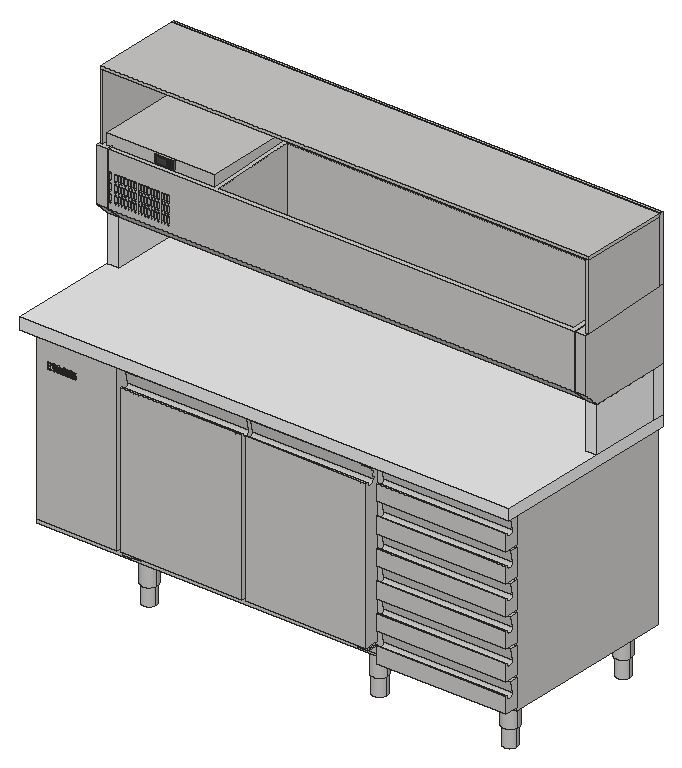
Revit family "QF_ELECTROLUXPROFESSIONAL_725188_RCSH2D6W", category Attrezzature speciali, Revit 2021 (continued)
Definition of nested family "ELX_REF_PZ"
  Lines and regions (mm)
    Split face 33
      outline origin (0, -200, 50) x (1, 0, 0) y (0, 1, 0)
        loop
          line (-163.464, 219.824) -> (-121.464, 219.824)
          arc (-121.464, 219.824) -> (-117.464, 223.824) -> (-121.464, 227.824) r 4
          line (-121.464, 227.824) -> (-163.464, 227.824)
    Split face 34
      outline origin (330, -200, 50) x (1, 0, 0) y (0, 1, 0)
        loop
          arc (-328.464, 227.824) -> (-332.464, 223.824) -> (-328.464, 219.824) r 4
          line (-328.464, 219.824) -> (-286.464, 219.824)
          arc (-286.464, 219.824) -> (-282.464, 223.824) -> (-286.464, 227.824) r 4
          line (-286.464, 227.824) -> (-328.464, 227.824)
    Split face 35
      outline origin (110, -200, 50) x (1, 0, 0) y (0, 1, 0)
        loop
          arc (-218.464, 227.824) -> (-222.464, 223.824) -> (-218.464, 219.824) r 4
          line (-218.464, 219.824) -> (-176.464, 219.824)
          arc (-176.464, 219.824) -> (-172.464, 223.824) -> (-176.464, 227.824) r 4
          line (-176.464, 227.824) -> (-218.464, 227.824)
    Split face 36
      outline origin (220, -200, 50) x (1, 0, 0) y (0, 1, 0)
        loop
          arc (-273.464, 227.824) -> (-277.464, 223.824) -> (-273.464, 219.824) r 4
          line (-273.464, 219.824) -> (-231.464, 219.824)
          arc (-231.464, 219.824) -> (-227.464, 223.824) -> (-231.464, 227.824) r 4
          line (-231.464, 227.824) -> (-273.464, 227.824)
    Split face 37
      outline origin (0, -224, 50) x (1, 0, 0) y (0, 1, 0)
        loop
          arc (-163.464, 239.824) -> (-167.464, 235.824) -> (-163.464, 231.824) r 4
          line (-163.464, 231.824) -> (-121.464, 231.824)
          arc (-121.464, 231.824) -> (-117.464, 235.824) -> (-121.464, 239.824) r 4
          line (-121.464, 239.824) -> (-163.464, 239.824)
    Split face 38
      outline origin (330, -224, 50) x (1, 0, 0) y (0, 1, 0)
        loop
          arc (-328.464, 239.824) -> (-332.464, 235.824) -> (-328.464, 231.824) r 4
          line (-328.464, 231.824) -> (-286.464, 231.824)
          arc (-286.464, 231.824) -> (-282.464, 235.824) -> (-286.464, 239.824) r 4
          line (-286.464, 239.824) -> (-328.464, 239.824)
    Split face 39
      outline origin (110, -224, 50) x (1, 0, 0) y (0, 1, 0)
        loop
          arc (-218.464, 239.824) -> (-222.464, 235.824) -> (-218.464, 231.824) r 4
          line (-218.464, 231.824) -> (-176.464, 231.824)
          arc (-176.464, 231.824) -> (-172.464, 235.824) -> (-176.464, 239.824) r 4
          line (-176.464, 239.824) -> (-218.464, 239.824)
    Split face 40
      outline origin (220, -224, 50) x (1, 0, 0) y (0, 1, 0)
        loop
          arc (-273.464, 239.824) -> (-277.464, 235.824) -> (-273.464, 231.824) r 4
          line (-273.464, 231.824) -> (-231.464, 231.824)
          arc (-231.464, 231.824) -> (-227.464, 235.824) -> (-231.464, 239.824) r 4
          line (-231.464, 239.824) -> (-273.464, 239.824)
    Split face 41
      outline origin (0, -248, 50) x (1, 0, 0) y (0, 1, 0)
        loop
          arc (-163.464, 251.824) -> (-167.464, 247.824) -> (-163.464, 243.824) r 4
          line (-163.464, 243.824) -> (-121.464, 243.824)
          arc (-121.464, 243.824) -> (-117.464, 247.824) -> (-121.464, 251.824) r 4
          line (-121.464, 251.824) -> (-163.464, 251.824)
    Split face 42
      outline origin (330, -248, 50) x (1, 0, 0) y (0, 1, 0)
        loop
          arc (-328.464, 251.824) -> (-332.464, 247.824) -> (-328.464, 243.824) r 4
          line (-328.464, 243.824) -> (-286.464, 243.824)
          arc (-286.464, 243.824) -> (-282.464, 247.824) -> (-286.464, 251.824) r 4
          line (-286.464, 251.824) -> (-328.464, 251.824)
    Split face 43
      outline origin (110, -248, 50) x (1, 0, 0) y (0, 1, 0)
        loop
          arc (-218.464, 251.824) -> (-222.464, 247.824) -> (-218.464, 243.824) r 4
          line (-218.464, 243.824) -> (-176.464, 243.824)
          arc (-176.464, 243.824) -> (-172.464, 247.824) -> (-176.464, 251.824) r 4
          line (-176.464, 251.824) -> (-218.464, 251.824)
    Split face 44
      outline origin (220, -248, 50) x (1, 0, 0) y (0, 1, 0)
        loop
          arc (-273.464, 251.824) -> (-277.464, 247.824) -> (-273.464, 243.824) r 4
          line (-273.464, 243.824) -> (-231.464, 243.824)
          arc (-231.464, 243.824) -> (-227.464, 247.824) -> (-231.464, 251.824) r 4
          line (-231.464, 251.824) -> (-273.464, 251.824)
    Split face 45
      outline origin (0, -272, 50) x (1, 0, 0) y (0, 1, 0)
        loop
          arc (-163.464, 263.824) -> (-167.464, 259.824) -> (-163.464, 255.824) r 4
          line (-163.464, 255.824) -> (-121.464, 255.824)
          arc (-121.464, 255.824) -> (-117.464, 259.824) -> (-121.464, 263.824) r 4
          line (-121.464, 263.824) -> (-163.464, 263.824)
    Split face 46
      outline origin (330, -272, 50) x (1, 0, 0) y (0, 1, 0)
        loop
          arc (-328.464, 263.824) -> (-332.464, 259.824) -> (-328.464, 255.824) r 4
          line (-328.464, 255.824) -> (-286.464, 255.824)
          arc (-286.464, 255.824) -> (-282.464, 259.824) -> (-286.464, 263.824) r 4
          line (-286.464, 263.824) -> (-328.464, 263.824)
    Split face 47
      outline origin (110, -272, 50) x (1, 0, 0) y (0, 1, 0)
        loop
          arc (-218.464, 263.824) -> (-222.464, 259.824) -> (-218.464, 255.824) r 4
          line (-218.464, 255.824) -> (-176.464, 255.824)
          arc (-176.464, 255.824) -> (-172.464, 259.824) -> (-176.464, 263.824) r 4
          line (-176.464, 263.824) -> (-218.464, 263.824)
    Split face 48
      outline origin (220, -272, 50) x (1, 0, 0) y (0, 1, 0)
        loop
          arc (-273.464, 263.824) -> (-277.464, 259.824) -> (-273.464, 255.824) r 4
          line (-273.464, 255.824) -> (-231.464, 255.824)
          arc (-231.464, 255.824) -> (-227.464, 259.824) -> (-231.464, 263.824) r 4
          line (-231.464, 263.824) -> (-273.464, 263.824)
    Split face 49
      outline origin (0, -296, 50) x (1, 0, 0) y (0, 1, 0)
        loop
          arc (-163.464, 275.824) -> (-167.464, 271.824) -> (-163.464, 267.824) r 4
          line (-163.464, 267.824) -> (-121.464, 267.824)
          arc (-121.464, 267.824) -> (-117.464, 271.824) -> (-121.464, 275.824) r 4
          line (-121.464, 275.824) -> (-163.464, 275.824)
    Split face 50
      outline origin (330, -296, 50) x (1, 0, 0) y (0, 1, 0)
        loop
          arc (-328.464, 275.824) -> (-332.464, 271.824) -> (-328.464, 267.824) r 4
          line (-328.464, 267.824) -> (-286.464, 267.824)
          arc (-286.464, 267.824) -> (-282.464, 271.824) -> (-286.464, 275.824) r 4
          line (-286.464, 275.824) -> (-328.464, 275.824)
    Split face 51
      outline origin (110, -296, 50) x (1, 0, 0) y (0, 1, 0)
        loop
          arc (-218.464, 275.824) -> (-222.464, 271.824) -> (-218.464, 267.824) r 4
          line (-218.464, 267.824) -> (-176.464, 267.824)
          arc (-176.464, 267.824) -> (-172.464, 271.824) -> (-176.464, 275.824) r 4
          line (-176.464, 275.824) -> (-218.464, 275.824)
    Split face 52
      outline origin (220, -296, 50) x (1, 0, 0) y (0, 1, 0)
        loop
          arc (-273.464, 275.824) -> (-277.464, 271.824) -> (-273.464, 267.824) r 4
          line (-273.464, 267.824) -> (-231.464, 267.824)
          arc (-231.464, 267.824) -> (-227.464, 271.824) -> (-231.464, 275.824) r 4
          line (-231.464, 275.824) -> (-273.464, 275.824)
    Split face 53
      outline origin (0, -663.3, 50) x (1, 0, 0) y (0, 1, 0)
        loop
          arc (-163.464, 513.474) -> (-167.464, 509.474) -> (-163.464, 505.474) r 4
          line (-163.464, 505.474) -> (-121.464, 505.474)
          arc (-121.464, 505.474) -> (-117.464, 509.474) -> (-121.464, 513.474) r 4
          line (-121.464, 513.474) -> (-163.464, 513.474)
    Split face 54
      outline origin (330, -663.3, 50) x (1, 0, 0) y (0, 1, 0)
        loop
          arc (-328.464, 513.474) -> (-332.464, 509.474) -> (-328.464, 505.474) r 4
          line (-328.464, 505.474) -> (-286.464, 505.474)
          arc (-286.464, 505.474) -> (-282.464, 509.474) -> (-286.464, 513.474) r 4
          line (-286.464, 513.474) -> (-328.464, 513.474)
    Split face 55
      outline origin (110, -663.3, 50) x (1, 0, 0) y (0, 1, 0)
        loop
          arc (-218.464, 513.474) -> (-222.464, 509.474) -> (-218.464, 505.474) r 4
          line (-218.464, 505.474) -> (-176.464, 505.474)
          arc (-176.464, 505.474) -> (-172.464, 509.474) -> (-176.464, 513.474) r 4
          line (-176.464, 513.474) -> (-218.464, 513.474)
    Split face 56
      outline origin (220, -663.3, 50) x (1, 0, 0) y (0, 1, 0)
        loop
          arc (-273.464, 513.474) -> (-277.464, 509.474) -> (-273.464, 505.474) r 4
          line (-273.464, 505.474) -> (-231.464, 505.474)
          arc (-231.464, 505.474) -> (-227.464, 509.474) -> (-231.464, 513.474) r 4
          line (-231.464, 513.474) -> (-273.464, 513.474)
    Split face 57
      outline origin (0, -687.3, 50) x (1, 0, 0) y (0, 1, 0)
        loop
          arc (-163.464, 525.474) -> (-167.464, 521.474) -> (-163.464, 517.474) r 4
          line (-163.464, 517.474) -> (-121.464, 517.474)
          arc (-121.464, 517.474) -> (-117.464, 521.474) -> (-121.464, 525.474) r 4
          line (-121.464, 525.474) -> (-163.464, 525.474)
    Split face 58
      outline origin (330, -687.3, 50) x (1, 0, 0) y (0, 1, 0)
        loop
          arc (-328.464, 525.474) -> (-332.464, 521.474) -> (-328.464, 517.474) r 4
          line (-328.464, 517.474) -> (-286.464, 517.474)
          arc (-286.464, 517.474) -> (-282.464, 521.474) -> (-286.464, 525.474) r 4
          line (-286.464, 525.474) -> (-328.464, 525.474)
    Split face 59
      outline origin (110, -687.3, 50) x (1, 0, 0) y (0, 1, 0)
        loop
          arc (-218.464, 525.474) -> (-222.464, 521.474) -> (-218.464, 517.474) r 4
          line (-218.464, 517.474) -> (-176.464, 517.474)
          arc (-176.464, 517.474) -> (-172.464, 521.474) -> (-176.464, 525.474) r 4
          line (-176.464, 525.474) -> (-218.464, 525.474)
    Split face 60
      outline origin (220, -687.3, 50) x (1, 0, 0) y (0, 1, 0)
        loop
          arc (-273.464, 525.474) -> (-277.464, 521.474) -> (-273.464, 517.474) r 4
          line (-273.464, 517.474) -> (-231.464, 517.474)
          arc (-231.464, 517.474) -> (-227.464, 521.474) -> (-231.464, 525.474) r 4
          line (-231.464, 525.474) -> (-273.464, 525.474)
    Split face 61
      outline origin (0, -711.3, 50) x (1, 0, 0) y (0, 1, 0)
        loop
          arc (-163.464, 537.474) -> (-167.464, 533.474) -> (-163.464, 529.474) r 4
          line (-163.464, 529.474) -> (-121.464, 529.474)
          arc (-121.464, 529.474) -> (-117.464, 533.474) -> (-121.464, 537.474) r 4
          line (-121.464, 537.474) -> (-163.464, 537.474)
    Split face 62
      outline origin (330, -711.3, 50) x (1, 0, 0) y (0, 1, 0)
        loop
          arc (-328.464, 537.474) -> (-332.464, 533.474) -> (-328.464, 529.474) r 4
          line (-328.464, 529.474) -> (-286.464, 529.474)
          arc (-286.464, 529.474) -> (-282.464, 533.474) -> (-286.464, 537.474) r 4
          line (-286.464, 537.474) -> (-328.464, 537.474)
    Split face 63
      outline origin (110, -711.3, 50) x (1, 0, 0) y (0, 1, 0)
        loop
          arc (-218.464, 537.474) -> (-222.464, 533.474) -> (-218.464, 529.474) r 4
          line (-218.464, 529.474) -> (-176.464, 529.474)
          arc (-176.464, 529.474) -> (-172.464, 533.474) -> (-176.464, 537.474) r 4
          line (-176.464, 537.474) -> (-218.464, 537.474)
    Split face 64
      outline origin (220, -711.3, 50) x (1, 0, 0) y (0, 1, 0)
        loop
          arc (-273.464, 537.474) -> (-277.464, 533.474) -> (-273.464, 529.474) r 4
          line (-273.464, 529.474) -> (-231.464, 529.474)
          arc (-231.464, 529.474) -> (-227.464, 533.474) -> (-231.464, 537.474) r 4
          line (-231.464, 537.474) -> (-273.464, 537.474)
    Split face 65
      outline origin (0, -735.3, 50) x (1, 0, 0) y (0, 1, 0)
        loop
          arc (-163.464, 549.474) -> (-167.464, 545.474) -> (-163.464, 541.474) r 4
          line (-163.464, 541.474) -> (-121.464, 541.474)
          arc (-121.464, 541.474) -> (-117.464, 545.474) -> (-121.464, 549.474) r 4
          line (-121.464, 549.474) -> (-163.464, 549.474)
    Split face 66
      outline origin (330, -735.3, 50) x (1, 0, 0) y (0, 1, 0)
        loop
          arc (-328.464, 549.474) -> (-332.464, 545.474) -> (-328.464, 541.474) r 4
          line (-328.464, 541.474) -> (-286.464, 541.474)
          arc (-286.464, 541.474) -> (-282.464, 545.474) -> (-286.464, 549.474) r 4
          line (-286.464, 549.474) -> (-328.464, 549.474)
    Split face 67
      outline origin (110, -735.3, 50) x (1, 0, 0) y (0, 1, 0)
        loop
          arc (-218.464, 549.474) -> (-222.464, 545.474) -> (-218.464, 541.474) r 4
          line (-218.464, 541.474) -> (-176.464, 541.474)
          arc (-176.464, 541.474) -> (-172.464, 545.474) -> (-176.464, 549.474) r 4
          line (-176.464, 549.474) -> (-218.464, 549.474)
    Split face 68
      outline origin (220, -735.3, 50) x (1, 0, 0) y (0, 1, 0)
        loop
          arc (-273.464, 549.474) -> (-277.464, 545.474) -> (-273.464, 541.474) r 4
          line (-273.464, 541.474) -> (-231.464, 541.474)
          arc (-231.464, 541.474) -> (-227.464, 545.474) -> (-231.464, 549.474) r 4
          line (-231.464, 549.474) -> (-273.464, 549.474)
    Split face 69
      outline origin (0, -759.3, 50) x (1, 0, 0) y (0, 1, 0)
        loop
          arc (-163.464, 561.474) -> (-167.464, 557.474) -> (-163.464, 553.474) r 4
          line (-163.464, 553.474) -> (-121.464, 553.474)
          arc (-121.464, 553.474) -> (-117.464, 557.474) -> (-121.464, 561.474) r 4
          line (-121.464, 561.474) -> (-163.464, 561.474)
    Split face 70
      outline origin (330, -759.3, 50) x (1, 0, 0) y (0, 1, 0)
        loop
          arc (-328.464, 561.474) -> (-332.464, 557.474) -> (-328.464, 553.474) r 4
          line (-328.464, 553.474) -> (-286.464, 553.474)
          arc (-286.464, 553.474) -> (-282.464, 557.474) -> (-286.464, 561.474) r 4
          line (-286.464, 561.474) -> (-328.464, 561.474)
    Split face 71
      outline origin (110, -759.3, 50) x (1, 0, 0) y (0, 1, 0)
        loop
          arc (-218.464, 561.474) -> (-222.464, 557.474) -> (-218.464, 553.474) r 4
          line (-218.464, 553.474) -> (-176.464, 553.474)
          arc (-176.464, 553.474) -> (-172.464, 557.474) -> (-176.464, 561.474) r 4
          line (-176.464, 561.474) -> (-218.464, 561.474)
    Split face 72
      outline origin (220, -759.3, 50) x (1, 0, 0) y (0, 1, 0)
        loop
          arc (-273.464, 561.474) -> (-277.464, 557.474) -> (-273.464, 553.474) r 4
          line (-273.464, 553.474) -> (-231.464, 553.474)
          arc (-231.464, 553.474) -> (-227.464, 557.474) -> (-231.464, 561.474) r 4
          line (-231.464, 561.474) -> (-273.464, 561.474)
    Split face 73
      outline origin (0, -783.3, 50) x (1, 0, 0) y (0, 1, 0)
        loop
          arc (-163.464, 573.474) -> (-167.464, 569.474) -> (-163.464, 565.474) r 4
          line (-163.464, 565.474) -> (-121.464, 565.474)
          arc (-121.464, 565.474) -> (-117.464, 569.474) -> (-121.464, 573.474) r 4
          line (-121.464, 573.474) -> (-163.464, 573.474)
    Split face 74
      outline origin (330, -783.3, 50) x (1, 0, 0) y (0, 1, 0)
        loop
          arc (-328.464, 573.474) -> (-332.464, 569.474) -> (-328.464, 565.474) r 4
          line (-328.464, 565.474) -> (-286.464, 565.474)
          arc (-286.464, 565.474) -> (-282.464, 569.474) -> (-286.464, 573.474) r 4
          line (-286.464, 573.474) -> (-328.464, 573.474)
    Split face 75
      outline origin (110, -783.3, 50) x (1, 0, 0) y (0, 1, 0)
        loop
          arc (-218.464, 573.474) -> (-222.464, 569.474) -> (-218.464, 565.474) r 4
          line (-218.464, 565.474) -> (-176.464, 565.474)
          arc (-176.464, 565.474) -> (-172.464, 569.474) -> (-176.464, 573.474) r 4
          line (-176.464, 573.474) -> (-218.464, 573.474)
    Split face 76
      outline origin (220, -783.3, 50) x (1, 0, 0) y (0, 1, 0)
        loop
          arc (-273.464, 573.474) -> (-277.464, 569.474) -> (-273.464, 565.474) r 4
          line (-273.464, 565.474) -> (-231.464, 565.474)
          arc (-231.464, 565.474) -> (-227.464, 569.474) -> (-231.464, 573.474) r 4
          line (-231.464, 573.474) -> (-273.464, 573.474)
    Split face 77
      outline origin (0, -807.3, 50) x (1, 0, 0) y (0, 1, 0)
        loop
          arc (-163.464, 585.474) -> (-167.464, 581.474) -> (-163.464, 577.474) r 4
          line (-163.464, 577.474) -> (-121.464, 577.474)
          arc (-121.464, 577.474) -> (-117.464, 581.474) -> (-121.464, 585.474) r 4
          line (-121.464, 585.474) -> (-163.464, 585.474)
    Split face 78
      outline origin (330, -807.3, 50) x (1, 0, 0) y (0, 1, 0)
        loop
          arc (-328.464, 585.474) -> (-332.464, 581.474) -> (-328.464, 577.474) r 4
          line (-328.464, 577.474) -> (-286.464, 577.474)
          arc (-286.464, 577.474) -> (-282.464, 581.474) -> (-286.464, 585.474) r 4
          line (-286.464, 585.474) -> (-328.464, 585.474)
    Split face 79
      outline origin (110, -807.3, 50) x (1, 0, 0) y (0, 1, 0)
        loop
          arc (-218.464, 585.474) -> (-222.464, 581.474) -> (-218.464, 577.474) r 4
          line (-218.464, 577.474) -> (-176.464, 577.474)
          arc (-176.464, 577.474) -> (-172.464, 581.474) -> (-176.464, 585.474) r 4
          line (-176.464, 585.474) -> (-218.464, 585.474)
    Split face 80
      outline origin (220, -807.3, 50) x (1, 0, 0) y (0, 1, 0)
        loop
          arc (-273.464, 585.474) -> (-277.464, 581.474) -> (-273.464, 577.474) r 4
          line (-273.464, 577.474) -> (-231.464, 577.474)
          arc (-231.464, 577.474) -> (-227.464, 581.474) -> (-231.464, 585.474) r 4
          line (-231.464, 585.474) -> (-273.464, 585.474)
    Split face 81
      outline origin (0, -831.3, 50) x (1, 0, 0) y (0, 1, 0)
        loop
          arc (-163.464, 597.474) -> (-167.464, 593.474) -> (-163.464, 589.474) r 4
          line (-163.464, 589.474) -> (-121.464, 589.474)
          arc (-121.464, 589.474) -> (-117.464, 593.474) -> (-121.464, 597.474) r 4
          line (-121.464, 597.474) -> (-163.464, 597.474)
    Split face 82
      outline origin (330, -831.3, 50) x (1, 0, 0) y (0, 1, 0)
        loop
          arc (-328.464, 597.474) -> (-332.464, 593.474) -> (-328.464, 589.474) r 4
          line (-328.464, 589.474) -> (-286.464, 589.474)
          arc (-286.464, 589.474) -> (-282.464, 593.474) -> (-286.464, 597.474) r 4
          line (-286.464, 597.474) -> (-328.464, 597.474)
    Split face 83
      outline origin (110, -831.3, 50) x (1, 0, 0) y (0, 1, 0)
        loop
          arc (-218.464, 597.474) -> (-222.464, 593.474) -> (-218.464, 589.474) r 4
          line (-218.464, 589.474) -> (-176.464, 589.474)
          arc (-176.464, 589.474) -> (-172.464, 593.474) -> (-176.464, 597.474) r 4
          line (-176.464, 597.474) -> (-218.464, 597.474)
    Split face 84
      outline origin (220, -831.3, 50) x (1, 0, 0) y (0, 1, 0)
        loop
          arc (-273.464, 597.474) -> (-277.464, 593.474) -> (-273.464, 589.474) r 4
          line (-273.464, 589.474) -> (-231.464, 589.474)
          arc (-231.464, 589.474) -> (-227.464, 593.474) -> (-231.464, 597.474) r 4
          line (-231.464, 597.474) -> (-273.464, 597.474)
    Split face 85
      outline origin (0, -855.3, 50) x (1, 0, 0) y (0, 1, 0)
        loop
          arc (-163.464, 609.474) -> (-167.464, 605.474) -> (-163.464, 601.474) r 4
          line (-163.464, 601.474) -> (-121.464, 601.474)
          arc (-121.464, 601.474) -> (-117.464, 605.474) -> (-121.464, 609.474) r 4
          line (-121.464, 609.474) -> (-163.464, 609.474)
    Split face 86
      outline origin (330, -855.3, 50) x (1, 0, 0) y (0, 1, 0)
        loop
          arc (-328.464, 609.474) -> (-332.464, 605.474) -> (-328.464, 601.474) r 4
          line (-328.464, 601.474) -> (-286.464, 601.474)
          arc (-286.464, 601.474) -> (-282.464, 605.474) -> (-286.464, 609.474) r 4
          line (-286.464, 609.474) -> (-328.464, 609.474)
    Split face 87
      outline origin (110, -855.3, 50) x (1, 0, 0) y (0, 1, 0)
        loop
          arc (-218.464, 609.474) -> (-222.464, 605.474) -> (-218.464, 601.474) r 4
          line (-218.464, 601.474) -> (-176.464, 601.474)
          arc (-176.464, 601.474) -> (-172.464, 605.474) -> (-176.464, 609.474) r 4
          line (-176.464, 609.474) -> (-218.464, 609.474)
    Split face 88
      outline origin (220, -855.3, 50) x (1, 0, 0) y (0, 1, 0)
        loop
          arc (-273.464, 609.474) -> (-277.464, 605.474) -> (-273.464, 601.474) r 4
          line (-273.464, 601.474) -> (-231.464, 601.474)
          arc (-231.464, 601.474) -> (-227.464, 605.474) -> (-231.464, 609.474) r 4
          line (-231.464, 609.474) -> (-273.464, 609.474)
    Split face 89
      outline origin (0, -879.3, 50) x (1, 0, 0) y (0, 1, 0)
        loop
          arc (-163.464, 621.474) -> (-167.464, 617.474) -> (-163.464, 613.474) r 4
          line (-163.464, 613.474) -> (-121.464, 613.474)
          arc (-121.464, 613.474) -> (-117.464, 617.474) -> (-121.464, 621.474) r 4
          line (-121.464, 621.474) -> (-163.464, 621.474)
    Split face 90
      outline origin (330, -879.3, 50) x (1, 0, 0) y (0, 1, 0)
        loop
          arc (-328.464, 621.474) -> (-332.464, 617.474) -> (-328.464, 613.474) r 4
          line (-328.464, 613.474) -> (-286.464, 613.474)
          arc (-286.464, 613.474) -> (-282.464, 617.474) -> (-286.464, 621.474) r 4
          line (-286.464, 621.474) -> (-328.464, 621.474)
    Split face 91
      outline origin (110, -879.3, 50) x (1, 0, 0) y (0, 1, 0)
        loop
          arc (-218.464, 621.474) -> (-222.464, 617.474) -> (-218.464, 613.474) r 4
          line (-218.464, 613.474) -> (-176.464, 613.474)
          arc (-176.464, 613.474) -> (-172.464, 617.474) -> (-176.464, 621.474) r 4
          line (-176.464, 621.474) -> (-218.464, 621.474)
    Split face 92
      outline origin (220, -879.3, 50) x (1, 0, 0) y (0, 1, 0)
        loop
          arc (-273.464, 621.474) -> (-277.464, 617.474) -> (-273.464, 613.474) r 4
          line (-273.464, 613.474) -> (-231.464, 613.474)
          arc (-231.464, 613.474) -> (-227.464, 617.474) -> (-231.464, 621.474) r 4
          line (-231.464, 621.474) -> (-273.464, 621.474)
    Split face 93
      outline origin (0, -903.3, 50) x (1, 0, 0) y (0, 1, 0)
        loop
          arc (-163.464, 633.474) -> (-167.464, 629.474) -> (-163.464, 625.474) r 4
          line (-163.464, 625.474) -> (-121.464, 625.474)
          arc (-121.464, 625.474) -> (-117.464, 629.474) -> (-121.464, 633.474) r 4
          line (-121.464, 633.474) -> (-163.464, 633.474)
    Split face 94
      outline origin (330, -903.3, 50) x (1, 0, 0) y (0, 1, 0)
        loop
          arc (-328.464, 633.474) -> (-332.464, 629.474) -> (-328.464, 625.474) r 4
          line (-328.464, 625.474) -> (-286.464, 625.474)
          arc (-286.464, 625.474) -> (-282.464, 629.474) -> (-286.464, 633.474) r 4
          line (-286.464, 633.474) -> (-328.464, 633.474)
    Split face 95
      outline origin (110, -903.3, 50) x (1, 0, 0) y (0, 1, 0)
        loop
          arc (-218.464, 633.474) -> (-222.464, 629.474) -> (-218.464, 625.474) r 4
          line (-218.464, 625.474) -> (-176.464, 625.474)
          arc (-176.464, 625.474) -> (-172.464, 629.474) -> (-176.464, 633.474) r 4
          line (-176.464, 633.474) -> (-218.464, 633.474)
    Split face 96
      outline origin (220, -903.3, 50) x (1, 0, 0) y (0, 1, 0)
        loop
          arc (-273.464, 633.474) -> (-277.464, 629.474) -> (-273.464, 625.474) r 4
          line (-273.464, 625.474) -> (-231.464, 625.474)
          arc (-231.464, 625.474) -> (-227.464, 629.474) -> (-231.464, 633.474) r 4
          line (-231.464, 633.474) -> (-273.464, 633.474)
    Split face 97
      outline origin (0, -927.3, 50) x (1, 0, 0) y (0, 1, 0)
        loop
          arc (-163.464, 645.474) -> (-167.464, 641.474) -> (-163.464, 637.474) r 4
          line (-163.464, 637.474) -> (-121.464, 637.474)
          arc (-121.464, 637.474) -> (-117.464, 641.474) -> (-121.464, 645.474) r 4
          line (-121.464, 645.474) -> (-163.464, 645.474)
    Split face 98
      outline origin (330, -927.3, 50) x (1, 0, 0) y (0, 1, 0)
        loop
          arc (-328.464, 645.474) -> (-332.464, 641.474) -> (-328.464, 637.474) r 4
          line (-328.464, 637.474) -> (-286.464, 637.474)
          arc (-286.464, 637.474) -> (-282.464, 641.474) -> (-286.464, 645.474) r 4
          line (-286.464, 645.474) -> (-328.464, 645.474)
    Split face 99
      outline origin (110, -927.3, 50) x (1, 0, 0) y (0, 1, 0)
        loop
          arc (-218.464, 645.474) -> (-222.464, 641.474) -> (-218.464, 637.474) r 4
          line (-218.464, 637.474) -> (-176.464, 637.474)
          arc (-176.464, 637.474) -> (-172.464, 641.474) -> (-176.464, 645.474) r 4
          line (-176.464, 645.474) -> (-218.464, 645.474)
    Split face 100
      outline origin (220, -927.3, 50) x (1, 0, 0) y (0, 1, 0)
        loop
          arc (-273.464, 645.474) -> (-277.464, 641.474) -> (-273.464, 637.474) r 4
          line (-273.464, 637.474) -> (-231.464, 637.474)
          arc (-231.464, 637.474) -> (-227.464, 641.474) -> (-231.464, 645.474) r 4
          line (-231.464, 645.474) -> (-273.464, 645.474)
    Split face 101
      outline origin (0, -951.3, 50) x (1, 0, 0) y (0, 1, 0)
        loop
          arc (-163.464, 657.474) -> (-167.464, 653.474) -> (-163.464, 649.474) r 4
          line (-163.464, 649.474) -> (-121.464, 649.474)
          arc (-121.464, 649.474) -> (-117.464, 653.474) -> (-121.464, 657.474) r 4
          line (-121.464, 657.474) -> (-163.464, 657.474)
    Split face 102
      outline origin (330, -951.3, 50) x (1, 0, 0) y (0, 1, 0)
        loop
          arc (-328.464, 657.474) -> (-332.464, 653.474) -> (-328.464, 649.474) r 4
          line (-328.464, 649.474) -> (-286.464, 649.474)
          arc (-286.464, 649.474) -> (-282.464, 653.474) -> (-286.464, 657.474) r 4
          line (-286.464, 657.474) -> (-328.464, 657.474)
    Split face 103
      outline origin (110, -951.3, 50) x (1, 0, 0) y (0, 1, 0)
        loop
          arc (-218.464, 657.474) -> (-222.464, 653.474) -> (-218.464, 649.474) r 4
          line (-218.464, 649.474) -> (-176.464, 649.474)
          arc (-176.464, 649.474) -> (-172.464, 653.474) -> (-176.464, 657.474) r 4
          line (-176.464, 657.474) -> (-218.464, 657.474)
    Split face 104
      outline origin (220, -951.3, 50) x (1, 0, 0) y (0, 1, 0)
        loop
          arc (-273.464, 657.474) -> (-277.464, 653.474) -> (-273.464, 649.474) r 4
          line (-273.464, 649.474) -> (-231.464, 649.474)
          arc (-231.464, 649.474) -> (-227.464, 653.474) -> (-231.464, 657.474) r 4
          line (-231.464, 657.474) -> (-273.464, 657.474)
    Split face 105
      outline origin (0, -975.3, 50) x (1, 0, 0) y (0, 1, 0)
        loop
          arc (-163.464, 669.474) -> (-167.464, 665.474) -> (-163.464, 661.474) r 4
          line (-163.464, 661.474) -> (-121.464, 661.474)
          arc (-121.464, 661.474) -> (-117.464, 665.474) -> (-121.464, 669.474) r 4
          line (-121.464, 669.474) -> (-163.464, 669.474)
    Split face 106
      outline origin (330, -975.3, 50) x (1, 0, 0) y (0, 1, 0)
        loop
          arc (-328.464, 669.474) -> (-332.464, 665.474) -> (-328.464, 661.474) r 4
          line (-328.464, 661.474) -> (-286.464, 661.474)
          arc (-286.464, 661.474) -> (-282.464, 665.474) -> (-286.464, 669.474) r 4
          line (-286.464, 669.474) -> (-328.464, 669.474)
    Split face 107
      outline origin (110, -975.3, 50) x (1, 0, 0) y (0, 1, 0)
        loop
          arc (-218.464, 669.474) -> (-222.464, 665.474) -> (-218.464, 661.474) r 4
          line (-218.464, 661.474) -> (-176.464, 661.474)
          arc (-176.464, 661.474) -> (-172.464, 665.474) -> (-176.464, 669.474) r 4
          line (-176.464, 669.474) -> (-218.464, 669.474)
    Split face 108
      outline origin (220, -975.3, 50) x (1, 0, 0) y (0, 1, 0)
        loop
          arc (-273.464, 669.474) -> (-277.464, 665.474) -> (-273.464, 661.474) r 4
          line (-273.464, 661.474) -> (-231.464, 661.474)
          arc (-231.464, 661.474) -> (-227.464, 665.474) -> (-231.464, 669.474) r 4
          line (-231.464, 669.474) -> (-273.464, 669.474)
    Split face 109
      outline origin (0, -999.3, 50) x (1, 0, 0) y (0, 1, 0)
        loop
          arc (-163.464, 681.474) -> (-167.464, 677.474) -> (-163.464, 673.474) r 4
          line (-163.464, 673.474) -> (-121.464, 673.474)
          arc (-121.464, 673.474) -> (-117.464, 677.474) -> (-121.464, 681.474) r 4
          line (-121.464, 681.474) -> (-163.464, 681.474)
    Split face 110
      outline origin (330, -999.3, 50) x (1, 0, 0) y (0, 1, 0)
        loop
          arc (-328.464, 681.474) -> (-332.464, 677.474) -> (-328.464, 673.474) r 4
          line (-328.464, 673.474) -> (-286.464, 673.474)
          arc (-286.464, 673.474) -> (-282.464, 677.474) -> (-286.464, 681.474) r 4
          line (-286.464, 681.474) -> (-328.464, 681.474)
    Split face 111
      outline origin (110, -999.3, 50) x (1, 0, 0) y (0, 1, 0)
        loop
          arc (-218.464, 681.474) -> (-222.464, 677.474) -> (-218.464, 673.474) r 4
          line (-218.464, 673.474) -> (-176.464, 673.474)
          arc (-176.464, 673.474) -> (-172.464, 677.474) -> (-176.464, 681.474) r 4
          line (-176.464, 681.474) -> (-218.464, 681.474)
    Split face 112
      outline origin (220, -999.3, 50) x (1, 0, 0) y (0, 1, 0)
        loop
          arc (-273.464, 681.474) -> (-277.464, 677.474) -> (-273.464, 673.474) r 4
          line (-273.464, 673.474) -> (-231.464, 673.474)
          arc (-231.464, 673.474) -> (-227.464, 677.474) -> (-231.464, 681.474) r 4
          line (-231.464, 681.474) -> (-273.464, 681.474)
    Split face 113
      outline origin (0, -1023.3, 50) x (1, 0, 0) y (0, 1, 0)
        loop
          arc (-163.464, 693.474) -> (-167.464, 689.474) -> (-163.464, 685.474) r 4
          line (-163.464, 685.474) -> (-121.464, 685.474)
          arc (-121.464, 685.474) -> (-117.464, 689.474) -> (-121.464, 693.474) r 4
          line (-121.464, 693.474) -> (-163.464, 693.474)
    Split face 114
      outline origin (330, -1023.3, 50) x (1, 0, 0) y (0, 1, 0)
        loop
          arc (-328.464, 693.474) -> (-332.464, 689.474) -> (-328.464, 685.474) r 4
          line (-328.464, 685.474) -> (-286.464, 685.474)
          arc (-286.464, 685.474) -> (-282.464, 689.474) -> (-286.464, 693.474) r 4
          line (-286.464, 693.474) -> (-328.464, 693.474)
    Split face 115
      outline origin (110, -1023.3, 50) x (1, 0, 0) y (0, 1, 0)
        loop
          arc (-218.464, 693.474) -> (-222.464, 689.474) -> (-218.464, 685.474) r 4
          line (-218.464, 685.474) -> (-176.464, 685.474)
          arc (-176.464, 685.474) -> (-172.464, 689.474) -> (-176.464, 693.474) r 4
          line (-176.464, 693.474) -> (-218.464, 693.474)
    Split face 116
      outline origin (220, -1023.3, 50) x (1, 0, 0) y (0, 1, 0)
        loop
          arc (-273.464, 693.474) -> (-277.464, 689.474) -> (-273.464, 685.474) r 4
          line (-273.464, 685.474) -> (-231.464, 685.474)
          arc (-231.464, 685.474) -> (-227.464, 689.474) -> (-231.464, 693.474) r 4
          line (-231.464, 693.474) -> (-273.464, 693.474)
    Split face 117
      outline origin (0, 0, 50) x (1, 0, 0) y (0, 1, 0)
        loop
          line (-206.92, 142) -> (87.08, 142)
    Split face 118
      outline origin (0, 0, 50) x (1, 0, 0) y (0, 1, 0)
        loop
          line (-206.92, 192) -> (-187.489, 192) -> (-174.489, 187) -> (-94.489, 187) -> (-81.489, 192) -> (87.08, 192)
    Split face 119
      outline origin (0, 0, 50) x (1, 0, 0) y (0, 1, 0)
        loop
          line (-206.92, 197) -> (87.08, 197)
    Split face 120
      outline origin (0, 0, 50) x (1, 0, 0) y (0, 1, 0)
        loop
          line (-28.8, 185.654) -> (-28.8, 156.136) -> (41.2, 156.136) -> (41.2, 185.654) -> (-28.8, 185.654)
    Split face 121
      outline origin (0, 0, 50) x (1, 0, 0) y (0, 1, 0)
        loop
          line (-25.8, 182.654) -> (-25.8, 159.136) -> (15.775, 159.136) -> (15.775, 182.654) -> (-25.8, 182.654)
    Split face 122
      outline origin (0, 0, 50) x (1, 0, 0) y (0, 1, 0)
        loop
          line (19.2, 182.654) -> (19.2, 171.654) -> (27.2, 171.654) -> (27.2, 182.654) -> (19.2, 182.654)
    Split face 123
      outline origin (0, 0, 50) x (1, 0, 0) y (0, 1, 0)
        loop
          line (30.212, 182.654) -> (30.212, 171.654) -> (38.212, 171.654) -> (38.212, 182.654) -> (30.212, 182.654)
    Split face 124
      outline origin (0, 0, 50) x (1, 0, 0) y (0, 1, 0)
        loop
          line (19.2, 170.136) -> (19.2, 159.136) -> (27.2, 159.136) -> (27.2, 170.136) -> (19.2, 170.136)
    Split face 125
      outline origin (0, 0, 50) x (1, 0, 0) y (0, 1, 0)
        loop
          line (30.212, 170.136) -> (30.212, 159.136) -> (38.212, 159.136) -> (38.212, 170.136) -> (30.212, 170.136)
    symbolic lines
      curve 1: line (87.08, -49, 0) -> (87.08, -49, 50)
  Dimensions and locks
    equal spacing: plane 6, plane 1 "Center (Front/Back)", plane 7
    equal spacing: plane 4, plane 3 "Center (Left/Right)", plane 5
    aligned and locked: plane 2 to Extrusion 1
    aligned and locked: level to Extrusion 1
  Automatic sketch dimensions
    curve 1 to plane 5 = 0 mm
    curve 1 to level = 0 mm
    curve 1 to curve 1 = 50 mm
    Extrusion 1 sketch curve to Extrusion 1 sketch curve = 2438.4 mm  (x2)
    Extrusion 2 sketch curve to plane 4 = 0 mm
    Extrusion 2 sketch curve to plane 5 = 0 mm
    Extrusion 2 sketch curve to plane 7 = 0 mm
    Extrusion 2 sketch curve to plane 6 = 0 mm
    Split face 1 sketch curve to Extrusion 2 = 43.456 mm
    Split face 1 sketch curve to Split face 1 sketch curve = 42 mm
    Split face 1 sketch curve to Extrusion 2 = 136.176 mm
    Split face 1 sketch curve to Split face 1 sketch curve = 4 mm
    Split face 2 sketch curve to Extrusion 2 = 85.544 mm
    Split face 2 sketch curve to Split face 2 sketch curve = 42 mm
    Split face 2 sketch curve to Extrusion 2 = 136.176 mm
    Split face 2 sketch curve to Split face 2 sketch curve = 4 mm
    Split face 3 sketch curve to Extrusion 2 = 98.456 mm
    Split face 3 sketch curve to Split face 3 sketch curve = 42 mm
    Split face 3 sketch curve to Extrusion 2 = 136.176 mm
    Split face 3 sketch curve to Split face 3 sketch curve = 4 mm
    Split face 4 sketch curve to Extrusion 2 = 140.544 mm
    Split face 4 sketch curve to Split face 4 sketch curve = 42 mm
    Split face 4 sketch curve to Extrusion 2 = 136.176 mm
    Split face 4 sketch curve to Split face 4 sketch curve = 4 mm
    Split face 5 sketch curve to Extrusion 2 = 43.456 mm
    Split face 5 sketch curve to Split face 5 sketch curve = 42 mm
    Split face 5 sketch curve to Extrusion 2 = 148.176 mm
    Split face 5 sketch curve to Split face 5 sketch curve = 4 mm
    Split face 6 sketch curve to Extrusion 2 = 85.544 mm
    Split face 6 sketch curve to Split face 6 sketch curve = 42 mm
    Split face 6 sketch curve to Extrusion 2 = 148.176 mm
    Split face 6 sketch curve to Split face 6 sketch curve = 4 mm
    Split face 7 sketch curve to Extrusion 2 = 98.456 mm
    Split face 7 sketch curve to Split face 7 sketch curve = 42 mm
    Split face 7 sketch curve to Extrusion 2 = 148.176 mm
    Split face 7 sketch curve to Split face 7 sketch curve = 4 mm
    Split face 8 sketch curve to Extrusion 2 = 140.544 mm
    Split face 8 sketch curve to Split face 8 sketch curve = 42 mm
    Split face 8 sketch curve to Extrusion 2 = 148.176 mm
    Split face 8 sketch curve to Split face 8 sketch curve = 4 mm
    Split face 9 sketch curve to Extrusion 2 = 43.456 mm
    Split face 9 sketch curve to Split face 9 sketch curve = 42 mm
    Split face 9 sketch curve to Extrusion 2 = 160.176 mm
    Split face 9 sketch curve to Split face 9 sketch curve = 4 mm
    Split face 10 sketch curve to Extrusion 2 = 85.544 mm
    Split face 10 sketch curve to Split face 10 sketch curve = 42 mm
    Split face 10 sketch curve to Extrusion 2 = 160.176 mm
    Split face 10 sketch curve to Split face 10 sketch curve = 4 mm
    Split face 11 sketch curve to Extrusion 2 = 98.456 mm
    Split face 11 sketch curve to Split face 11 sketch curve = 42 mm
    Split face 11 sketch curve to Extrusion 2 = 160.176 mm
    Split face 11 sketch curve to Split face 11 sketch curve = 4 mm
    Split face 12 sketch curve to Extrusion 2 = 140.544 mm
    Split face 12 sketch curve to Split face 12 sketch curve = 42 mm
    Split face 12 sketch curve to Extrusion 2 = 160.176 mm
    Split face 12 sketch curve to Split face 12 sketch curve = 4 mm
    Split face 13 sketch curve to Extrusion 2 = 43.456 mm
    Split face 13 sketch curve to Split face 13 sketch curve = 42 mm
    Split face 13 sketch curve to Extrusion 2 = 172.176 mm
    Split face 13 sketch curve to Split face 13 sketch curve = 4 mm
    Split face 14 sketch curve to Extrusion 2 = 85.544 mm
    Split face 14 sketch curve to Split face 14 sketch curve = 42 mm
    Split face 14 sketch curve to Extrusion 2 = 172.176 mm
    Split face 14 sketch curve to Split face 14 sketch curve = 4 mm
    Split face 15 sketch curve to Extrusion 2 = 98.456 mm
    Split face 15 sketch curve to Split face 15 sketch curve = 42 mm
    Split face 15 sketch curve to Extrusion 2 = 172.176 mm
    Split face 15 sketch curve to Split face 15 sketch curve = 4 mm
    Split face 16 sketch curve to Extrusion 2 = 140.544 mm
    Split face 16 sketch curve to Split face 16 sketch curve = 42 mm
    Split face 16 sketch curve to Extrusion 2 = 172.176 mm
    Split face 16 sketch curve to Split face 16 sketch curve = 4 mm
    Split face 17 sketch curve to Extrusion 2 = 43.456 mm
    Split face 17 sketch curve to Split face 17 sketch curve = 42 mm
    Split face 17 sketch curve to Extrusion 2 = 184.176 mm
    Split face 17 sketch curve to Split face 17 sketch curve = 4 mm
    Split face 18 sketch curve to Extrusion 2 = 85.544 mm
    Split face 18 sketch curve to Split face 18 sketch curve = 42 mm
    Split face 18 sketch curve to Extrusion 2 = 184.176 mm
    Split face 18 sketch curve to Split face 18 sketch curve = 4 mm
    Split face 19 sketch curve to Extrusion 2 = 98.456 mm
    Split face 19 sketch curve to Split face 19 sketch curve = 42 mm
    Split face 19 sketch curve to Extrusion 2 = 184.176 mm
    Split face 19 sketch curve to Split face 19 sketch curve = 4 mm
    Split face 20 sketch curve to Extrusion 2 = 140.544 mm
    Split face 20 sketch curve to Split face 20 sketch curve = 42 mm
    Split face 20 sketch curve to Extrusion 2 = 184.176 mm
    Split face 20 sketch curve to Split face 20 sketch curve = 4 mm
    Split face 21 sketch curve to Extrusion 2 = 43.456 mm
    Split face 21 sketch curve to Split face 21 sketch curve = 42 mm
    Split face 21 sketch curve to Extrusion 2 = 196.176 mm
    Split face 21 sketch curve to Split face 21 sketch curve = 4 mm
    Split face 22 sketch curve to Extrusion 2 = 85.544 mm
    Split face 22 sketch curve to Split face 22 sketch curve = 42 mm
    Split face 22 sketch curve to Extrusion 2 = 196.176 mm
    Split face 22 sketch curve to Split face 22 sketch curve = 4 mm
    Split face 23 sketch curve to Extrusion 2 = 98.456 mm
    Split face 23 sketch curve to Split face 23 sketch curve = 42 mm
    Split face 23 sketch curve to Extrusion 2 = 196.176 mm
    Split face 23 sketch curve to Split face 23 sketch curve = 4 mm
    Split face 24 sketch curve to Extrusion 2 = 140.544 mm
    Split face 24 sketch curve to Split face 24 sketch curve = 42 mm
    Split face 24 sketch curve to Extrusion 2 = 196.176 mm
    Split face 24 sketch curve to Split face 24 sketch curve = 4 mm
    Split face 25 sketch curve to Extrusion 2 = 43.456 mm
    Split face 25 sketch curve to Split face 25 sketch curve = 42 mm
    Split face 25 sketch curve to Extrusion 2 = 208.176 mm
    Split face 25 sketch curve to Split face 25 sketch curve = 4 mm
    Split face 26 sketch curve to Extrusion 2 = 85.544 mm
    Split face 26 sketch curve to Split face 26 sketch curve = 42 mm
    Split face 26 sketch curve to Extrusion 2 = 208.176 mm
    Split face 26 sketch curve to Split face 26 sketch curve = 4 mm
    Split face 27 sketch curve to Extrusion 2 = 98.456 mm
    Split face 27 sketch curve to Split face 27 sketch curve = 42 mm
    Split face 27 sketch curve to Extrusion 2 = 208.176 mm
    Split face 27 sketch curve to Split face 27 sketch curve = 4 mm
    Split face 28 sketch curve to Extrusion 2 = 140.544 mm
    Split face 28 sketch curve to Split face 28 sketch curve = 42 mm
    Split face 28 sketch curve to Extrusion 2 = 208.176 mm
    Split face 28 sketch curve to Split face 28 sketch curve = 4 mm
    Split face 29 sketch curve to Extrusion 2 = 43.456 mm
    Split face 29 sketch curve to Split face 29 sketch curve = 42 mm
    Split face 29 sketch curve to Extrusion 2 = 220.176 mm
    Split face 29 sketch curve to Split face 29 sketch curve = 4 mm
    Split face 30 sketch curve to Extrusion 2 = 85.544 mm
    Split face 30 sketch curve to Split face 30 sketch curve = 42 mm
    Split face 30 sketch curve to Extrusion 2 = 220.176 mm
    Split face 30 sketch curve to Split face 30 sketch curve = 4 mm
    Split face 31 sketch curve to Extrusion 2 = 98.456 mm
    Split face 31 sketch curve to Split face 31 sketch curve = 42 mm
    Split face 31 sketch curve to Extrusion 2 = 220.176 mm
    Split face 31 sketch curve to Split face 31 sketch curve = 4 mm
    Split face 32 sketch curve to Extrusion 2 = 140.544 mm
    Split face 32 sketch curve to Split face 32 sketch curve = 42 mm
    Split face 32 sketch curve to Extrusion 2 = 220.176 mm
    Split face 32 sketch curve to Split face 32 sketch curve = 4 mm
    Split face 33 sketch curve to Extrusion 2 = 43.456 mm
    Split face 33 sketch curve to Split face 33 sketch curve = 42 mm
    Split face 33 sketch curve to Extrusion 2 = 232.176 mm
    Split face 33 sketch curve to Split face 33 sketch curve = 4 mm
    Split face 34 sketch curve to Extrusion 2 = 85.544 mm
    Split face 34 sketch curve to Split face 34 sketch curve = 42 mm
    Split face 34 sketch curve to Extrusion 2 = 232.176 mm
    Split face 34 sketch curve to Split face 34 sketch curve = 4 mm
    Split face 35 sketch curve to Extrusion 2 = 98.456 mm
    Split face 35 sketch curve to Split face 35 sketch curve = 42 mm
    Split face 35 sketch curve to Extrusion 2 = 232.176 mm
    Split face 35 sketch curve to Split face 35 sketch curve = 4 mm
    Split face 36 sketch curve to Extrusion 2 = 140.544 mm
    Split face 36 sketch curve to Split face 36 sketch curve = 42 mm
    Split face 36 sketch curve to Extrusion 2 = 232.176 mm
    Split face 36 sketch curve to Split face 36 sketch curve = 4 mm
    Split face 37 sketch curve to Extrusion 2 = 43.456 mm
    Split face 37 sketch curve to Split face 37 sketch curve = 42 mm
    Split face 37 sketch curve to Extrusion 2 = 244.176 mm
    Split face 37 sketch curve to Split face 37 sketch curve = 4 mm
    Split face 38 sketch curve to Extrusion 2 = 85.544 mm
    Split face 38 sketch curve to Split face 38 sketch curve = 42 mm
    Split face 38 sketch curve to Extrusion 2 = 244.176 mm
    Split face 38 sketch curve to Split face 38 sketch curve = 4 mm
    Split face 39 sketch curve to Extrusion 2 = 98.456 mm
    Split face 39 sketch curve to Split face 39 sketch curve = 42 mm
    Split face 39 sketch curve to Extrusion 2 = 244.176 mm
    Split face 39 sketch curve to Split face 39 sketch curve = 4 mm
    Split face 40 sketch curve to Extrusion 2 = 140.544 mm
    Split face 40 sketch curve to Split face 40 sketch curve = 42 mm
    Split face 40 sketch curve to Extrusion 2 = 244.176 mm
    Split face 40 sketch curve to Split face 40 sketch curve = 4 mm
    Split face 41 sketch curve to Extrusion 2 = 43.456 mm
    Split face 41 sketch curve to Split face 41 sketch curve = 42 mm
    Split face 41 sketch curve to Extrusion 2 = 256.176 mm
    Split face 41 sketch curve to Split face 41 sketch curve = 4 mm
    Split face 42 sketch curve to Extrusion 2 = 85.544 mm
    Split face 42 sketch curve to Split face 42 sketch curve = 42 mm
    Split face 42 sketch curve to Extrusion 2 = 256.176 mm
    Split face 42 sketch curve to Split face 42 sketch curve = 4 mm
    Split face 43 sketch curve to Extrusion 2 = 98.456 mm
    Split face 43 sketch curve to Split face 43 sketch curve = 42 mm
    Split face 43 sketch curve to Extrusion 2 = 256.176 mm
    Split face 43 sketch curve to Split face 43 sketch curve = 4 mm
    Split face 44 sketch curve to Extrusion 2 = 140.544 mm
    Split face 44 sketch curve to Split face 44 sketch curve = 42 mm
    Split face 44 sketch curve to Extrusion 2 = 256.176 mm
    Split face 44 sketch curve to Split face 44 sketch curve = 4 mm
    Split face 45 sketch curve to Extrusion 2 = 43.456 mm
    Split face 45 sketch curve to Split face 45 sketch curve = 42 mm
    Split face 45 sketch curve to Extrusion 2 = 268.176 mm
    Split face 45 sketch curve to Split face 45 sketch curve = 4 mm
    Split face 46 sketch curve to Extrusion 2 = 85.544 mm
    Split face 46 sketch curve to Split face 46 sketch curve = 42 mm
    Split face 46 sketch curve to Extrusion 2 = 268.176 mm
    Split face 46 sketch curve to Split face 46 sketch curve = 4 mm
    Split face 47 sketch curve to Extrusion 2 = 98.456 mm
    Split face 47 sketch curve to Split face 47 sketch curve = 42 mm
    Split face 47 sketch curve to Extrusion 2 = 268.176 mm
    Split face 47 sketch curve to Split face 47 sketch curve = 4 mm
    Split face 48 sketch curve to Extrusion 2 = 140.544 mm
    Split face 48 sketch curve to Split face 48 sketch curve = 42 mm
    Split face 48 sketch curve to Extrusion 2 = 268.176 mm
    Split face 48 sketch curve to Split face 48 sketch curve = 4 mm
    Split face 49 sketch curve to Extrusion 2 = 43.456 mm
    Split face 49 sketch curve to Split face 49 sketch curve = 42 mm
    Split face 49 sketch curve to Extrusion 2 = 280.176 mm
    Split face 49 sketch curve to Split face 49 sketch curve = 4 mm
    Split face 50 sketch curve to Extrusion 2 = 85.544 mm
    Split face 50 sketch curve to Split face 50 sketch curve = 42 mm
    Split face 50 sketch curve to Extrusion 2 = 280.176 mm
    Split face 50 sketch curve to Split face 50 sketch curve = 4 mm
    Split face 51 sketch curve to Extrusion 2 = 98.456 mm
    Split face 51 sketch curve to Split face 51 sketch curve = 42 mm
    Split face 51 sketch curve to Extrusion 2 = 280.176 mm
    Split face 51 sketch curve to Split face 51 sketch curve = 4 mm
    Split face 52 sketch curve to Extrusion 2 = 140.544 mm
    Split face 52 sketch curve to Split face 52 sketch curve = 42 mm
    Split face 52 sketch curve to Extrusion 2 = 280.176 mm
    Split face 52 sketch curve to Split face 52 sketch curve = 4 mm
    Split face 53 sketch curve to Extrusion 2 = 43.456 mm
    Split face 53 sketch curve to Split face 53 sketch curve = 42 mm
    Split face 53 sketch curve to Extrusion 2 = 192.174 mm
    Split face 53 sketch curve to Split face 53 sketch curve = 4 mm
    Split face 54 sketch curve to Extrusion 2 = 85.544 mm
    Split face 54 sketch curve to Split face 54 sketch curve = 42 mm
    Split face 54 sketch curve to Extrusion 2 = 192.174 mm
    Split face 54 sketch curve to Split face 54 sketch curve = 4 mm
    Split face 55 sketch curve to Extrusion 2 = 98.456 mm
    Split face 55 sketch curve to Split face 55 sketch curve = 42 mm
    Split face 55 sketch curve to Extrusion 2 = 192.174 mm
    Split face 55 sketch curve to Split face 55 sketch curve = 4 mm
    Split face 56 sketch curve to Extrusion 2 = 140.544 mm
    Split face 56 sketch curve to Split face 56 sketch curve = 42 mm
    Split face 56 sketch curve to Extrusion 2 = 192.174 mm
    Split face 56 sketch curve to Split face 56 sketch curve = 4 mm
    Split face 57 sketch curve to Extrusion 2 = 43.456 mm
    Split face 57 sketch curve to Split face 57 sketch curve = 42 mm
    Split face 57 sketch curve to Extrusion 2 = 180.174 mm
    Split face 57 sketch curve to Split face 57 sketch curve = 4 mm
    Split face 58 sketch curve to Extrusion 2 = 85.544 mm
    Split face 58 sketch curve to Split face 58 sketch curve = 42 mm
    Split face 58 sketch curve to Extrusion 2 = 180.174 mm
    Split face 58 sketch curve to Split face 58 sketch curve = 4 mm
    Split face 59 sketch curve to Extrusion 2 = 98.456 mm
    Split face 59 sketch curve to Split face 59 sketch curve = 42 mm
    Split face 59 sketch curve to Extrusion 2 = 180.174 mm
    Split face 59 sketch curve to Split face 59 sketch curve = 4 mm
    Split face 60 sketch curve to Extrusion 2 = 140.544 mm
    Split face 60 sketch curve to Split face 60 sketch curve = 42 mm
    Split face 60 sketch curve to Extrusion 2 = 180.174 mm
    Split face 60 sketch curve to Split face 60 sketch curve = 4 mm
    Split face 61 sketch curve to Extrusion 2 = 43.456 mm
    Split face 61 sketch curve to Split face 61 sketch curve = 42 mm
    Split face 61 sketch curve to Extrusion 2 = 168.174 mm
    Split face 61 sketch curve to Split face 61 sketch curve = 4 mm
    Split face 62 sketch curve to Extrusion 2 = 85.544 mm
    Split face 62 sketch curve to Split face 62 sketch curve = 42 mm
    Split face 62 sketch curve to Extrusion 2 = 168.174 mm
    Split face 62 sketch curve to Split face 62 sketch curve = 4 mm
    Split face 63 sketch curve to Extrusion 2 = 98.456 mm
    Split face 63 sketch curve to Split face 63 sketch curve = 42 mm
    Split face 63 sketch curve to Extrusion 2 = 168.174 mm
    Split face 63 sketch curve to Split face 63 sketch curve = 4 mm
    Split face 64 sketch curve to Extrusion 2 = 140.544 mm
    Split face 64 sketch curve to Split face 64 sketch curve = 42 mm
    Split face 64 sketch curve to Extrusion 2 = 168.174 mm
    Split face 64 sketch curve to Split face 64 sketch curve = 4 mm
    Split face 65 sketch curve to Extrusion 2 = 43.456 mm
    Split face 65 sketch curve to Split face 65 sketch curve = 42 mm
    Split face 65 sketch curve to Extrusion 2 = 156.174 mm
    Split face 65 sketch curve to Split face 65 sketch curve = 4 mm
    Split face 66 sketch curve to Extrusion 2 = 85.544 mm
    Split face 66 sketch curve to Split face 66 sketch curve = 42 mm
    Split face 66 sketch curve to Extrusion 2 = 156.174 mm
    Split face 66 sketch curve to Split face 66 sketch curve = 4 mm
    Split face 67 sketch curve to Extrusion 2 = 98.456 mm
    Split face 67 sketch curve to Split face 67 sketch curve = 42 mm
    Split face 67 sketch curve to Extrusion 2 = 156.174 mm
    Split face 67 sketch curve to Split face 67 sketch curve = 4 mm
    Split face 68 sketch curve to Extrusion 2 = 140.544 mm
    Split face 68 sketch curve to Split face 68 sketch curve = 42 mm
    Split face 68 sketch curve to Extrusion 2 = 156.174 mm
    Split face 68 sketch curve to Split face 68 sketch curve = 4 mm
    Split face 69 sketch curve to Extrusion 2 = 43.456 mm
    Split face 69 sketch curve to Split face 69 sketch curve = 42 mm
    Split face 69 sketch curve to Extrusion 2 = 144.174 mm
    Split face 69 sketch curve to Split face 69 sketch curve = 4 mm
    Split face 70 sketch curve to Extrusion 2 = 85.544 mm
    Split face 70 sketch curve to Split face 70 sketch curve = 42 mm
    Split face 70 sketch curve to Extrusion 2 = 144.174 mm
    Split face 70 sketch curve to Split face 70 sketch curve = 4 mm
    Split face 71 sketch curve to Extrusion 2 = 98.456 mm
    Split face 71 sketch curve to Split face 71 sketch curve = 42 mm
    Split face 71 sketch curve to Extrusion 2 = 144.174 mm
    Split face 71 sketch curve to Split face 71 sketch curve = 4 mm
    Split face 72 sketch curve to Extrusion 2 = 140.544 mm
    Split face 72 sketch curve to Split face 72 sketch curve = 42 mm
    Split face 72 sketch curve to Extrusion 2 = 144.174 mm
    Split face 72 sketch curve to Split face 72 sketch curve = 4 mm
    Split face 73 sketch curve to Extrusion 2 = 43.456 mm
    Split face 73 sketch curve to Split face 73 sketch curve = 42 mm
    Split face 73 sketch curve to Extrusion 2 = 132.174 mm
    Split face 73 sketch curve to Split face 73 sketch curve = 4 mm
    Split face 74 sketch curve to Extrusion 2 = 85.544 mm
    Split face 74 sketch curve to Split face 74 sketch curve = 42 mm
    Split face 74 sketch curve to Extrusion 2 = 132.174 mm
    Split face 74 sketch curve to Split face 74 sketch curve = 4 mm
    Split face 75 sketch curve to Extrusion 2 = 98.456 mm
    Split face 75 sketch curve to Split face 75 sketch curve = 42 mm
    Split face 75 sketch curve to Extrusion 2 = 132.174 mm
    Split face 75 sketch curve to Split face 75 sketch curve = 4 mm
    Split face 76 sketch curve to Extrusion 2 = 140.544 mm
    Split face 76 sketch curve to Split face 76 sketch curve = 42 mm
    Split face 76 sketch curve to Extrusion 2 = 132.174 mm
    Split face 76 sketch curve to Split face 76 sketch curve = 4 mm
    Split face 77 sketch curve to Extrusion 2 = 43.456 mm
    Split face 77 sketch curve to Split face 77 sketch curve = 42 mm
    Split face 77 sketch curve to Extrusion 2 = 120.174 mm
    Split face 77 sketch curve to Split face 77 sketch curve = 4 mm
    Split face 78 sketch curve to Extrusion 2 = 85.544 mm
    Split face 78 sketch curve to Split face 78 sketch curve = 42 mm
    Split face 78 sketch curve to Extrusion 2 = 120.174 mm
    Split face 78 sketch curve to Split face 78 sketch curve = 4 mm
    Split face 79 sketch curve to Extrusion 2 = 98.456 mm
    Split face 79 sketch curve to Split face 79 sketch curve = 42 mm
    Split face 79 sketch curve to Extrusion 2 = 120.174 mm
    Split face 79 sketch curve to Split face 79 sketch curve = 4 mm
    Split face 80 sketch curve to Extrusion 2 = 140.544 mm
    Split face 80 sketch curve to Split face 80 sketch curve = 42 mm
    Split face 80 sketch curve to Extrusion 2 = 120.174 mm
    Split face 80 sketch curve to Split face 80 sketch curve = 4 mm
    Split face 81 sketch curve to Extrusion 2 = 43.456 mm
    Split face 81 sketch curve to Split face 81 sketch curve = 42 mm
    Split face 81 sketch curve to Extrusion 2 = 108.174 mm
    Split face 81 sketch curve to Split face 81 sketch curve = 4 mm
    Split face 82 sketch curve to Extrusion 2 = 85.544 mm
    Split face 82 sketch curve to Split face 82 sketch curve = 42 mm
    Split face 82 sketch curve to Extrusion 2 = 108.174 mm
    Split face 82 sketch curve to Split face 82 sketch curve = 4 mm
    Split face 83 sketch curve to Extrusion 2 = 98.456 mm
    Split face 83 sketch curve to Split face 83 sketch curve = 42 mm
    Split face 83 sketch curve to Extrusion 2 = 108.174 mm
    Split face 83 sketch curve to Split face 83 sketch curve = 4 mm
    Split face 84 sketch curve to Extrusion 2 = 140.544 mm
    Split face 84 sketch curve to Split face 84 sketch curve = 42 mm
    Split face 84 sketch curve to Extrusion 2 = 108.174 mm
    Split face 84 sketch curve to Split face 84 sketch curve = 4 mm
    Split face 85 sketch curve to Extrusion 2 = 43.456 mm
    Split face 85 sketch curve to Split face 85 sketch curve = 42 mm
    Split face 85 sketch curve to Extrusion 2 = 96.174 mm
    Split face 85 sketch curve to Split face 85 sketch curve = 4 mm
    Split face 86 sketch curve to Extrusion 2 = 85.544 mm
    Split face 86 sketch curve to Split face 86 sketch curve = 42 mm
    Split face 86 sketch curve to Extrusion 2 = 96.174 mm
    Split face 86 sketch curve to Split face 86 sketch curve = 4 mm
    Split face 87 sketch curve to Extrusion 2 = 98.456 mm
    Split face 87 sketch curve to Split face 87 sketch curve = 42 mm
    Split face 87 sketch curve to Extrusion 2 = 96.174 mm
    Split face 87 sketch curve to Split face 87 sketch curve = 4 mm
    Split face 88 sketch curve to Extrusion 2 = 140.544 mm
    Split face 88 sketch curve to Split face 88 sketch curve = 42 mm
    Split face 88 sketch curve to Extrusion 2 = 96.174 mm
    Split face 88 sketch curve to Split face 88 sketch curve = 4 mm
    Split face 89 sketch curve to Extrusion 2 = 43.456 mm
    Split face 89 sketch curve to Split face 89 sketch curve = 42 mm
    Split face 89 sketch curve to Extrusion 2 = 84.174 mm
    Split face 89 sketch curve to Split face 89 sketch curve = 4 mm
    Split face 90 sketch curve to Extrusion 2 = 85.544 mm
    Split face 90 sketch curve to Split face 90 sketch curve = 42 mm
    Split face 90 sketch curve to Extrusion 2 = 84.174 mm
    Split face 90 sketch curve to Split face 90 sketch curve = 4 mm
    Split face 91 sketch curve to Extrusion 2 = 98.456 mm
    Split face 91 sketch curve to Split face 91 sketch curve = 42 mm
    Split face 91 sketch curve to Extrusion 2 = 84.174 mm
    Split face 91 sketch curve to Split face 91 sketch curve = 4 mm
    Split face 92 sketch curve to Extrusion 2 = 92.174 mm
    Split face 92 sketch curve to Extrusion 2 = 140.544 mm
    Split face 92 sketch curve to Split face 92 sketch curve = 42 mm
    Split face 92 sketch curve to Split face 92 sketch curve = 4 mm
    Split face 93 sketch curve to Extrusion 2 = 43.456 mm
    Split face 93 sketch curve to Split face 93 sketch curve = 42 mm
    Split face 93 sketch curve to Extrusion 2 = 72.174 mm
    Split face 93 sketch curve to Split face 93 sketch curve = 4 mm
    Split face 94 sketch curve to Extrusion 2 = 85.544 mm
    Split face 94 sketch curve to Split face 94 sketch curve = 42 mm
    Split face 94 sketch curve to Extrusion 2 = 72.174 mm
    Split face 94 sketch curve to Split face 94 sketch curve = 4 mm
    Split face 95 sketch curve to Extrusion 2 = 98.456 mm
    Split face 95 sketch curve to Split face 95 sketch curve = 42 mm
    Split face 95 sketch curve to Extrusion 2 = 72.174 mm
    Split face 95 sketch curve to Split face 95 sketch curve = 4 mm
    Split face 96 sketch curve to Extrusion 2 = 80.174 mm
    Split face 96 sketch curve to Extrusion 2 = 140.544 mm
    Split face 96 sketch curve to Split face 96 sketch curve = 42 mm
    Split face 96 sketch curve to Split face 96 sketch curve = 4 mm
    Split face 97 sketch curve to Extrusion 2 = 43.456 mm
    Split face 97 sketch curve to Split face 97 sketch curve = 42 mm
    Split face 97 sketch curve to Extrusion 2 = 60.174 mm
    Split face 97 sketch curve to Split face 97 sketch curve = 4 mm
    Split face 98 sketch curve to Extrusion 2 = 85.544 mm
    Split face 98 sketch curve to Split face 98 sketch curve = 42 mm
    Split face 98 sketch curve to Extrusion 2 = 60.174 mm
    Split face 98 sketch curve to Split face 98 sketch curve = 4 mm
    Split face 99 sketch curve to Extrusion 2 = 98.456 mm
    Split face 99 sketch curve to Split face 99 sketch curve = 42 mm
    Split face 99 sketch curve to Extrusion 2 = 60.174 mm
    Split face 99 sketch curve to Split face 99 sketch curve = 4 mm
    Split face 100 sketch curve to Extrusion 2 = 68.174 mm
    Split face 100 sketch curve to Extrusion 2 = 140.544 mm
    Split face 100 sketch curve to Split face 100 sketch curve = 42 mm
    Split face 100 sketch curve to Split face 100 sketch curve = 4 mm
    Split face 101 sketch curve to Extrusion 2 = 43.456 mm
    Split face 101 sketch curve to Split face 101 sketch curve = 42 mm
    Split face 101 sketch curve to Extrusion 2 = 48.174 mm
    Split face 101 sketch curve to Split face 101 sketch curve = 4 mm
    Split face 102 sketch curve to Extrusion 2 = 56.174 mm
    Split face 102 sketch curve to Extrusion 2 = 85.544 mm
    Split face 102 sketch curve to Split face 102 sketch curve = 42 mm
    Split face 102 sketch curve to Split face 102 sketch curve = 4 mm
    Split face 103 sketch curve to Extrusion 2 = 56.174 mm
    Split face 103 sketch curve to Extrusion 2 = 98.456 mm
    Split face 103 sketch curve to Split face 103 sketch curve = 42 mm
    Split face 103 sketch curve to Split face 103 sketch curve = 4 mm
    Split face 104 sketch curve to Extrusion 2 = 56.174 mm
    Split face 104 sketch curve to Extrusion 2 = 140.544 mm
    Split face 104 sketch curve to Split face 104 sketch curve = 42 mm
    Split face 104 sketch curve to Split face 104 sketch curve = 4 mm
    Split face 105 sketch curve to Extrusion 2 = 43.456 mm
    Split face 105 sketch curve to Split face 105 sketch curve = 42 mm
    Split face 105 sketch curve to Extrusion 2 = 36.174 mm
    Split face 105 sketch curve to Split face 105 sketch curve = 4 mm
    Split face 106 sketch curve to Extrusion 2 = 44.174 mm
    Split face 106 sketch curve to Extrusion 2 = 85.544 mm
    Split face 106 sketch curve to Split face 106 sketch curve = 42 mm
    Split face 106 sketch curve to Split face 106 sketch curve = 4 mm
    Split face 107 sketch curve to Extrusion 2 = 44.174 mm
